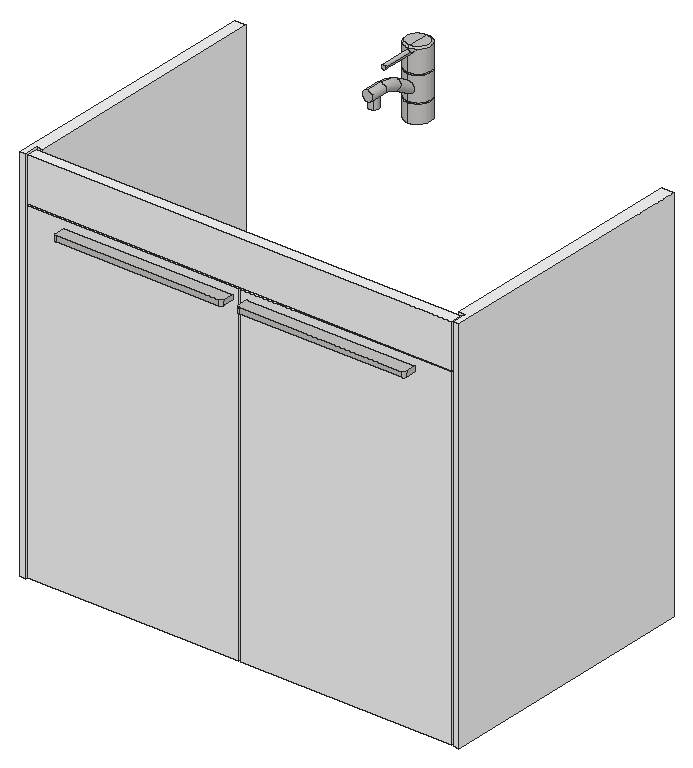
Revit family "47380 Ifö Sense Furniture packs - SDSSMP 60 Compact", category Generic Models, Revit 2015 (continued)
Automatic sketch dimensions
  Masking region 5 sketch curve to Masking region 5 sketch curve = 2.091 mm  (x2)
  Masking region 5 sketch curve to Masking region 5 sketch curve = 1.593 mm  (x2)
  Masking region 5 sketch curve to Masking region 5 sketch curve = 3.19 mm  (x2)
  Masking region 5 sketch curve to Masking region 5 sketch curve = 1.974 mm  (x2)
  Masking region 5 sketch curve to Masking region 5 sketch curve = 1.99 mm  (x2)
  Masking region 5 sketch curve to Masking region 5 sketch curve = 0.344 mm  (x2)
  Masking region 5 sketch curve to Masking region 5 sketch curve = 0.783 mm  (x2)
  Masking region 5 sketch curve to Masking region 5 sketch curve = 26.868 mm  (x2)
  Masking region 5 sketch curve to Masking region 5 sketch curve = 0.891 mm  (x2)
  Masking region 5 sketch curve to Masking region 5 sketch curve = 161.706 mm  (x2)
  Masking region 5 sketch curve to Masking region 5 sketch curve = 1.273 mm  (x2)
  Masking region 5 sketch curve to Masking region 5 sketch curve = 1.596 mm  (x2)
  Masking region 5 sketch curve to Masking region 5 sketch curve = 1.694 mm  (x2)
  Masking region 5 sketch curve to Masking region 5 sketch curve = 0.16 mm  (x2)
  Masking region 5 sketch curve to Masking region 5 sketch curve = 1.187 mm  (x2)
  Masking region 5 sketch curve to Masking region 5 sketch curve = 1.241 mm  (x2)
  Masking region 5 sketch curve to Masking region 5 sketch curve = 1.425 mm  (x2)
  Masking region 5 sketch curve to Masking region 5 sketch curve = 0.147 mm  (x2)
  Masking region 5 sketch curve to Masking region 5 sketch curve = 0.468 mm  (x2)
  Masking region 5 sketch curve to Masking region 5 sketch curve = 0.282 mm  (x2)
  Masking region 5 sketch curve to Masking region 5 sketch curve = 0.074 mm  (x2)
  Masking region 5 sketch curve to Masking region 5 sketch curve = 1.301 mm  (x2)
  Masking region 5 sketch curve to Masking region 5 sketch curve = 11.637 mm  (x2)
  Masking region 5 sketch curve to Masking region 5 sketch curve = 0.844 mm  (x2)
  Masking region 5 sketch curve to Masking region 5 sketch curve = 7.369 mm  (x2)
  Masking region 5 sketch curve to Masking region 5 sketch curve = 1.64 mm  (x2)
  Masking region 5 sketch curve to Masking region 5 sketch curve = 26.017 mm  (x2)
  Masking region 5 sketch curve to Masking region 5 sketch curve = 15.665 mm  (x2)
  Masking region 5 sketch curve to Masking region 5 sketch curve = 120.203 mm  (x2)
  Masking region 5 sketch curve to Masking region 5 sketch curve = 12.003 mm
  Masking region 5 sketch curve to Masking region 5 sketch curve = 176.118 mm  (x2)
  Masking region 5 sketch curve to Masking region 5 sketch curve = 9.296 mm  (x2)
  Masking region 5 sketch curve to Masking region 5 sketch curve = 302.576 mm  (x2)
  Masking region 5 sketch curve to Masking region 5 sketch curve = 4.13 mm  (x2)
  Masking region 5 sketch curve to Masking region 5 sketch curve = 175.472 mm  (x2)
  Masking region 5 sketch curve to Masking region 5 sketch curve = 41.038 mm  (x3)
  Masking region 5 sketch curve to Masking region 5 sketch curve = 440.361 mm
  Masking region 5 sketch curve to Masking region 5 sketch curve = 37.778 mm  (x2)
  Masking region 5 sketch curve to Masking region 5 sketch curve = 164.668 mm
  Masking region 5 sketch curve to Masking region 5 sketch curve = 161.655 mm  (x2)
  Masking region 5 sketch curve to Masking region 5 sketch curve = 72.874 mm  (x2)
  Masking region 5 sketch curve to Masking region 5 sketch curve = 116.632 mm  (x2)
  Masking region 5 sketch curve to Masking region 5 sketch curve = 49.479 mm  (x2)
  Masking region 5 sketch curve to Masking region 5 sketch curve = 21.429 mm  (x2)
  Masking region 5 sketch curve to Masking region 5 sketch curve = 4.469 mm  (x2)
  Masking region 5 sketch curve to Masking region 5 sketch curve = 25.712 mm  (x2)
  Masking region 5 sketch curve to Masking region 5 sketch curve = 11.396 mm  (x2)
  Masking region 5 sketch curve to Masking region 5 sketch curve = 2.41 mm  (x2)
  Masking region 5 sketch curve to Masking region 5 sketch curve = 3.014 mm  (x2)
  Masking region 5 sketch curve to Masking region 5 sketch curve = 1.882 mm  (x2)
  Masking region 5 sketch curve to Masking region 5 sketch curve = 0.991 mm  (x2)
  Masking region 5 sketch curve to Masking region 5 sketch curve = 4.531 mm  (x2)
  Masking region 5 sketch curve to Masking region 5 sketch curve = 1.136 mm  (x2)
  Masking region 5 sketch curve to Masking region 5 sketch curve = 1.931 mm  (x2)
  Masking region 5 sketch curve to Masking region 5 sketch curve = 3.234 mm  (x2)
  Masking region 5 sketch curve to Masking region 5 sketch curve = 2.095 mm  (x2)
  Masking region 5 sketch curve to Masking region 5 sketch curve = 0.584 mm  (x2)
  Masking region 5 sketch curve to Masking region 5 sketch curve = 0.106 mm  (x2)
  Masking region 5 sketch curve to Masking region 5 sketch curve = 0.079 mm  (x2)
  Masking region 5 sketch curve to Masking region 5 sketch curve = 0.354 mm  (x2)
  Masking region 5 sketch curve to Masking region 5 sketch curve = 0.155 mm  (x2)
  Masking region 5 sketch curve to Masking region 5 sketch curve = 0.706 mm  (x2)
  Masking region 5 sketch curve to Masking region 5 sketch curve = 0.014 mm  (x2)
  Masking region 5 sketch curve to Masking region 5 sketch curve = 1.079 mm  (x2)
  Masking region 5 sketch curve to Masking region 5 sketch curve = 0.482 mm  (x2)
  Masking region 5 sketch curve to Masking region 5 sketch curve = 1.418 mm  (x2)
  Masking region 5 sketch curve to Masking region 5 sketch curve = 5.736 mm  (x2)
  Masking region 5 sketch curve to Masking region 5 sketch curve = 1.822 mm  (x2)
  Masking region 5 sketch curve to Masking region 5 sketch curve = 45.205 mm  (x2)
  Masking region 5 sketch curve to Masking region 5 sketch curve = 63.813 mm
  Masking region 5 sketch curve to Masking region 5 sketch curve = 10.562 mm  (x2)
  Masking region 5 sketch curve to Masking region 5 sketch curve = 44.695 mm  (x2)
  Masking region 5 sketch curve to Masking region 5 sketch curve = 15.713 mm  (x2)
  Masking region 5 sketch curve to Masking region 5 sketch curve = 10.793 mm  (x2)
  Masking region 5 sketch curve to Masking region 5 sketch curve = 157.151 mm
  Masking region 5 sketch curve to Masking region 5 sketch curve = 37.312 mm  (x2)
  Masking region 5 sketch curve to Masking region 5 sketch curve = 55.334 mm  (x2)
  Masking region 5 sketch curve to Masking region 5 sketch curve = 223.933 mm  (x2)
  Masking region 5 sketch curve to Masking region 5 sketch curve = 214.619 mm
  Masking region 5 sketch curve to Masking region 5 sketch curve = 218.997 mm  (x2)
  Masking region 5 sketch curve to Masking region 5 sketch curve = 30.80 mm  (x2)
  Masking region 5 sketch curve to Masking region 5 sketch curve = 53.269 mm  (x2)
  Masking region 5 sketch curve to Masking region 5 sketch curve = 382.982 mm
  Masking region 5 sketch curve to Masking region 5 sketch curve = 117.159 mm  (x2)
  Masking region 5 sketch curve to Masking region 5 sketch curve = 194.692 mm
  Masking region 5 sketch curve to Masking region 5 sketch curve = 88.299 mm  (x2)
  Masking region 5 sketch curve to Masking region 5 sketch curve = 8.158 mm  (x2)
  Masking region 5 sketch curve to Masking region 5 sketch curve = 993.129 mm
  Masking region 5 sketch curve to Masking region 5 sketch curve = 3.435 mm  (x2)
  Masking region 5 sketch curve to Masking region 5 sketch curve = 4.929 mm  (x2)
  Masking region 5 sketch curve to Masking region 5 sketch curve = 0.855 mm  (x2)
  Masking region 5 sketch curve to Masking region 5 sketch curve = 5.256 mm  (x2)
  Masking region 5 sketch curve to Masking region 5 sketch curve = 1.154 mm  (x2)
  Masking region 5 sketch curve to Masking region 5 sketch curve = 1.458 mm  (x2)
  Masking region 5 sketch curve to Masking region 5 sketch curve = 0.771 mm  (x2)
  Masking region 5 sketch curve to Masking region 5 sketch curve = 1.041 mm  (x2)
  Masking region 5 sketch curve to Masking region 5 sketch curve = 1.093 mm  (x2)
  Masking region 5 sketch curve to Masking region 5 sketch curve = 1.046 mm  (x2)
  Masking region 5 sketch curve to Masking region 5 sketch curve = 0.915 mm  (x2)
  Masking region 5 sketch curve to Masking region 5 sketch curve = 0.521 mm  (x2)
  Masking region 5 sketch curve to Masking region 5 sketch curve = 0.215 mm  (x2)
  Masking region 6 sketch curve to Masking region 6 sketch curve = 1.865 mm  (x2)
  Masking region 6 sketch curve to Masking region 6 sketch curve = 0.135 mm  (x2)
  Masking region 6 sketch curve to Masking region 6 sketch curve = 0.00 mm  (x5)
  Masking region 6 sketch curve to Masking region 6 sketch curve = 3.128 mm  (x2)
  Masking region 6 sketch curve to Masking region 6 sketch curve = 6.00 mm
  Masking region 6 sketch curve to Masking region 6 sketch curve = 283.00 mm  (x2)
  Masking region 6 sketch curve to Masking region 6 sketch curve = 4.03 mm
  Masking region 6 sketch curve to Masking region 6 sketch curve = 1.00 mm  (x2)
  Masking region 6 sketch curve to Masking region 6 sketch curve = 15.546 mm  (x2)
  plane 1 "Center (Front/Back)" to Masking region 7 sketch curve = 0.00 mm
  plane 1 "Center (Front/Back)" to Masking region 7 sketch curve = 241.541 mm  (x2)
  Masking region 7 sketch curve to plane 3 "Center (Left/Right)" = 2452.995 mm
  Masking region 7 sketch curve to Masking region 7 sketch curve = 91.19 mm  (x2)
  Masking region 7 sketch curve to Masking region 7 sketch curve = 391.368 mm  (x2)
  Masking region 7 sketch curve to Masking region 7 sketch curve = 99.561 mm  (x2)
  Masking region 7 sketch curve to Masking region 7 sketch curve = 470.27 mm  (x2)
  Masking region 7 sketch curve to Masking region 7 sketch curve = 275.375 mm  (x2)
  plane 1 "Center (Front/Back)" to Masking region 7 sketch curve = 94.778 mm  (x2)
  Masking region 7 sketch curve to Masking region 7 sketch curve = 10.504 mm
  Masking region 7 sketch curve to Masking region 7 sketch curve = 47.582 mm  (x2)
  Masking region 7 sketch curve to Masking region 7 sketch curve = 39.924 mm  (x2)
  Masking region 7 sketch curve to plane 1 "Center (Front/Back)" = 6.437 mm  (x2)
  Masking region 7 sketch curve to Masking region 7 sketch curve = 363.98 mm
  Masking region 7 sketch curve to Masking region 7 sketch curve = 132.623 mm  (x2)
  Masking region 7 sketch curve to Masking region 7 sketch curve = 7.999 mm  (x2)
  Masking region 7 sketch curve to Masking region 7 sketch curve = 0.606 mm  (x2)
  Masking region 7 sketch curve to Masking region 7 sketch curve = 291.435 mm
  Masking region 7 sketch curve to Masking region 7 sketch curve = 9.081 mm  (x2)
  Masking region 7 sketch curve to plane 1 "Center (Front/Back)" = 112.273 mm
  Masking region 7 sketch curve to Masking region 7 sketch curve = 10.077 mm
  plane 1 "Center (Front/Back)" to Masking region 7 sketch curve = 12.79 mm
  Masking region 7 sketch curve to Masking region 7 sketch curve = 10.745 mm
  Masking region 7 sketch curve to Masking region 7 sketch curve = 6.088 mm  (x2)
  Masking region 7 sketch curve to Masking region 7 sketch curve = 1.683 mm  (x2)
  Masking region 7 sketch curve to Masking region 7 sketch curve = 29.51 mm
  Masking region 7 sketch curve to Masking region 7 sketch curve = 10.226 mm
  Masking region 7 sketch curve to Masking region 7 sketch curve = 1.469 mm  (x2)
  Masking region 7 sketch curve to plane 3 "Center (Left/Right)" = 287.046 mm
  Masking region 7 sketch curve to Masking region 7 sketch curve = 7.853 mm  (x2)
  Masking region 7 sketch curve to Masking region 7 sketch curve = 16.59 mm  (x2)
  Masking region 7 sketch curve to Masking region 7 sketch curve = 1.652 mm  (x2)
  Masking region 7 sketch curve to Masking region 7 sketch curve = 9.334 mm  (x2)
  Masking region 7 sketch curve to Masking region 7 sketch curve = 4.91 mm
  Masking region 7 sketch curve to Masking region 7 sketch curve = 3.308 mm
  Masking region 7 sketch curve to Masking region 7 sketch curve = 0.891 mm  (x2)
  Masking region 7 sketch curve to Masking region 7 sketch curve = 13.019 mm  (x2)
  Masking region 7 sketch curve to Masking region 7 sketch curve = 46.834 mm
  Masking region 7 sketch curve to Masking region 7 sketch curve = 17.867 mm  (x2)
  Masking region 7 sketch curve to Masking region 7 sketch curve = 2.738 mm
  Masking region 7 sketch curve to Masking region 7 sketch curve = 0.692 mm
  Masking region 7 sketch curve to Masking region 7 sketch curve = 1.905 mm  (x2)
  Masking region 7 sketch curve to Masking region 7 sketch curve = 4.214 mm  (x2)
  Masking region 7 sketch curve to Masking region 7 sketch curve = 21.688 mm
  Masking region 7 sketch curve to Masking region 7 sketch curve = 21.987 mm  (x2)
  Masking region 7 sketch curve to Masking region 7 sketch curve = 0.006 mm
  Masking region 7 sketch curve to Masking region 7 sketch curve = 36.247 mm
  Masking region 7 sketch curve to Masking region 7 sketch curve = 3.964 mm  (x2)
  Masking region 7 sketch curve to Masking region 7 sketch curve = 32.748 mm  (x2)
  Masking region 7 sketch curve to plane 3 "Center (Left/Right)" = 249.495 mm
  Masking region 7 sketch curve to Masking region 7 sketch curve = 11.373 mm
  Masking region 7 sketch curve to Masking region 7 sketch curve = 0.374 mm  (x2)
  Masking region 7 sketch curve to Masking region 7 sketch curve = 1.212 mm
  Masking region 7 sketch curve to Masking region 7 sketch curve = 18.854 mm
  Masking region 7 sketch curve to Masking region 7 sketch curve = 9.138 mm  (x2)
  Masking region 7 sketch curve to Masking region 7 sketch curve = 20.027 mm  (x2)
  Masking region 7 sketch curve to Masking region 7 sketch curve = 4.00 mm  (x4)
  Masking region 7 sketch curve to Masking region 7 sketch curve = 39.138 mm
  plane 1 "Center (Front/Back)" to Masking region 7 sketch curve = 41.095 mm  (x2)
  Masking region 7 sketch curve to Masking region 7 sketch curve = 56.365 mm
  Masking region 7 sketch curve to plane 3 "Center (Left/Right)" = 142.792 mm
  Masking region 7 sketch curve to plane 3 "Center (Left/Right)" = 58.753 mm
  Masking region 7 sketch curve to plane 3 "Center (Left/Right)" = 14.00 mm
  plane 3 "Center (Left/Right)" to Masking region 7 sketch curve = 10.00 mm
  plane 3 "Center (Left/Right)" to Masking region 7 sketch curve = 58.753 mm
  plane 3 "Center (Left/Right)" to Masking region 7 sketch curve = 142.792 mm
  Masking region 7 sketch curve to Masking region 7 sketch curve = 141.174 mm
  Masking region 7 sketch curve to Masking region 7 sketch curve = 205.467 mm
  Masking region 7 sketch curve to Masking region 7 sketch curve = 16.533 mm
  Masking region 7 sketch curve to Masking region 7 sketch curve = 19.851 mm
  Masking region 7 sketch curve to Masking region 7 sketch curve = 45.639 mm
  plane 3 "Center (Left/Right)" to Masking region 7 sketch curve = 248.283 mm
  Masking region 7 sketch curve to Masking region 7 sketch curve = 13.121 mm
  Masking region 7 sketch curve to Masking region 7 sketch curve = 4.628 mm
  Masking region 7 sketch curve to Masking region 7 sketch curve = 13.406 mm
  Masking region 7 sketch curve to Masking region 7 sketch curve = 16.933 mm
  Masking region 7 sketch curve to Masking region 7 sketch curve = 56.359 mm
  Masking region 7 sketch curve to Masking region 7 sketch curve = 10.727 mm
  Masking region 7 sketch curve to Masking region 7 sketch curve = 19.242 mm
  Masking region 7 sketch curve to Masking region 7 sketch curve = 9.467 mm
  Masking region 7 sketch curve to Masking region 7 sketch curve = 1.477 mm
  Masking region 7 sketch curve to Masking region 7 sketch curve = 8.127 mm
  Masking region 7 sketch curve to Masking region 7 sketch curve = 3.258 mm
  Masking region 7 sketch curve to Masking region 7 sketch curve = 144.254 mm
  Masking region 7 sketch curve to Masking region 7 sketch curve = 43.072 mm
  Masking region 7 sketch curve to Masking region 7 sketch curve = 53.323 mm
  Masking region 7 sketch curve to Masking region 7 sketch curve = 290.829 mm
  Masking region 7 sketch curve to Masking region 7 sketch curve = 286.978 mm
  Masking region 7 sketch curve to Masking region 7 sketch curve = 37.078 mm
  plane 1 "Center (Front/Back)" to Masking region 7 sketch curve = 251.064 mm  (x2)
  Masking region 7 sketch curve to Masking region 7 sketch curve = 239.578 mm
  Masking region 7 sketch curve to Masking region 7 sketch curve = 211.274 mm
  plane 1 "Center (Front/Back)" to Masking region 7 sketch curve = 258.02 mm  (x2)
  Masking region 7 sketch curve to Masking region 7 sketch curve = 2.182 mm  (x2)
  Masking region 7 sketch curve to Masking region 7 sketch curve = 167.179 mm  (x2)
  Masking region 7 sketch curve to Masking region 7 sketch curve = 6.294 mm  (x2)
  Masking region 7 sketch curve to Masking region 7 sketch curve = 25.673 mm  (x2)
  Masking region 7 sketch curve to Masking region 7 sketch curve = 12.816 mm  (x2)
  Masking region 7 sketch curve to Masking region 7 sketch curve = 33.734 mm  (x2)
  Masking region 7 sketch curve to Masking region 7 sketch curve = 57.42 mm  (x2)
  Masking region 7 sketch curve to Masking region 7 sketch curve = 38.78 mm  (x2)
  Masking region 7 sketch curve to Masking region 7 sketch curve = 9.748 mm  (x2)
  Masking region 7 sketch curve to Masking region 7 sketch curve = 14.753 mm  (x2)
  Masking region 7 sketch curve to Masking region 7 sketch curve = 1.032 mm  (x2)
  Masking region 7 sketch curve to Masking region 7 sketch curve = 22.805 mm  (x2)
  Masking region 7 sketch curve to Masking region 7 sketch curve = 1.168 mm  (x2)
  Masking region 7 sketch curve to Masking region 7 sketch curve = 34.883 mm
  Masking region 7 sketch curve to Masking region 7 sketch curve = 29.898 mm
  Masking region 7 sketch curve to Masking region 7 sketch curve = 28.867 mm
  Masking region 7 sketch curve to Masking region 7 sketch curve = 51.324 mm  (x2)
  Masking region 7 sketch curve to Masking region 7 sketch curve = 5.864 mm
  Masking region 7 sketch curve to Masking region 7 sketch curve = 5.844 mm
  Masking region 7 sketch curve to Masking region 7 sketch curve = 61.321 mm  (x2)
  Masking region 7 sketch curve to Masking region 7 sketch curve = 158.60 mm  (x2)
  Masking region 7 sketch curve to Masking region 7 sketch curve = 123.695 mm  (x2)
  Masking region 7 sketch curve to Masking region 7 sketch curve = 173.227 mm  (x2)
  Masking region 7 sketch curve to Masking region 7 sketch curve = 40.469 mm  (x2)
  Masking region 7 sketch curve to Masking region 7 sketch curve = 8.466 mm  (x2)
  Masking region 7 sketch curve to Masking region 7 sketch curve = 24.997 mm  (x2)
  Masking region 7 sketch curve to Masking region 7 sketch curve = 9.386 mm  (x2)
  Masking region 7 sketch curve to Masking region 7 sketch curve = 34.903 mm  (x2)
  Masking region 7 sketch curve to Masking region 7 sketch curve = 11.262 mm  (x2)
  Masking region 7 sketch curve to Masking region 7 sketch curve = 6.788 mm  (x2)
  Masking region 7 sketch curve to Masking region 7 sketch curve = 46.973 mm  (x2)
  plane 1 "Center (Front/Back)" to Masking region 7 sketch curve = 120.366 mm  (x2)
  Masking region 7 sketch curve to Masking region 7 sketch curve = 26.977 mm  (x2)
  plane 1 "Center (Front/Back)" to Masking region 7 sketch curve = 55.635 mm  (x2)
  Masking region 7 sketch curve to Masking region 7 sketch curve = 16.163 mm  (x2)
  Masking region 7 sketch curve to Masking region 7 sketch curve = 0.174 mm  (x2)
  Masking region 7 sketch curve to Masking region 7 sketch curve = 16.138 mm  (x2)
  Masking region 7 sketch curve to Masking region 7 sketch curve = 3.536 mm  (x2)
  Masking region 7 sketch curve to Masking region 7 sketch curve = 1.081 mm  (x2)
  Masking region 7 sketch curve to Masking region 7 sketch curve = 1.063 mm  (x2)
  Masking region 7 sketch curve to Masking region 7 sketch curve = 2.778 mm  (x2)
  Masking region 7 sketch curve to Masking region 7 sketch curve = 5.594 mm  (x2)
  Masking region 7 sketch curve to Masking region 7 sketch curve = 11.341 mm
  Masking region 7 sketch curve to Masking region 7 sketch curve = 0.843 mm  (x2)
  Masking region 7 sketch curve to plane 1 "Center (Front/Back)" = 29.702 mm  (x2)
  Masking region 7 sketch curve to Masking region 7 sketch curve = 56.328 mm
  Masking region 7 sketch curve to Masking region 7 sketch curve = 26.243 mm  (x2)
  Masking region 7 sketch curve to Masking region 7 sketch curve = 23.206 mm  (x2)
  Masking region 7 sketch curve to Masking region 7 sketch curve = 381.889 mm  (x2)
  Masking region 7 sketch curve to Masking region 7 sketch curve = 29.45 mm  (x2)
  Masking region 7 sketch curve to Masking region 7 sketch curve = 9.091 mm
  Masking region 7 sketch curve to Masking region 7 sketch curve = 0.00 mm  (x57)
  Masking region 7 sketch curve to Masking region 7 sketch curve = 0.227 mm
  Masking region 7 sketch curve to Masking region 7 sketch curve = 0.482 mm  (x2)
  Masking region 7 sketch curve to Masking region 7 sketch curve = 0.331 mm
  Masking region 7 sketch curve to Masking region 7 sketch curve = 0.296 mm  (x2)
  Masking region 7 sketch curve to Masking region 7 sketch curve = 0.484 mm  (x2)
  Masking region 7 sketch curve to Masking region 7 sketch curve = 1.224 mm
  Masking region 7 sketch curve to Masking region 7 sketch curve = 0.963 mm  (x2)
  Masking region 7 sketch curve to Masking region 7 sketch curve = 1.394 mm  (x2)
  Masking region 7 sketch curve to Masking region 7 sketch curve = 1.709 mm
  Masking region 7 sketch curve to Masking region 7 sketch curve = 2.022 mm
  plane 1 "Center (Front/Back)" to Masking region 7 sketch curve = 3.198 mm  (x2)
  Masking region 7 sketch curve to Masking region 7 sketch curve = 1.126 mm
  Masking region 7 sketch curve to Masking region 7 sketch curve = 0.986 mm
  Masking region 7 sketch curve to Masking region 7 sketch curve = 4.785 mm
  plane 1 "Center (Front/Back)" to Masking region 7 sketch curve = 0.60 mm  (x2)
  plane 1 "Center (Front/Back)" to Masking region 7 sketch curve = 0.331 mm  (x2)
  plane 1 "Center (Front/Back)" to Masking region 7 sketch curve = 0.255 mm  (x2)
  Masking region 7 sketch curve to Masking region 7 sketch curve = 5.653 mm
  plane 1 "Center (Front/Back)" to Masking region 7 sketch curve = 1.158 mm
  plane 1 "Center (Front/Back)" to Masking region 7 sketch curve = 1.511 mm
  Masking region 7 sketch curve to Masking region 7 sketch curve = 9.712 mm
  Masking region 7 sketch curve to Masking region 7 sketch curve = 4.212 mm
  Masking region 7 sketch curve to Masking region 7 sketch curve = 2.445 mm
  Masking region 7 sketch curve to Masking region 7 sketch curve = 1.129 mm
  Masking region 7 sketch curve to Masking region 7 sketch curve = 0.409 mm
  plane 1 "Center (Front/Back)" to Masking region 8 sketch curve = 0.00 mm
  plane 1 "Center (Front/Back)" to Masking region 8 sketch curve = 6.546 mm
  Masking region 8 sketch curve to plane 3 "Center (Left/Right)" = 300.00 mm
  Masking region 8 sketch curve to Masking region 8 sketch curve = 8.908 mm
  Masking region 8 sketch curve to Masking region 8 sketch curve = 10.326 mm
  plane 1 "Center (Front/Back)" to Masking region 8 sketch curve = 1.515 mm
  Masking region 8 sketch curve to Masking region 8 sketch curve = 16.00 mm
  Masking region 8 sketch curve to Masking region 8 sketch curve = 7.853 mm
  Masking region 8 sketch curve to Masking region 8 sketch curve = 1.652 mm
  Masking region 8 sketch curve to Masking region 8 sketch curve = 3.308 mm
  Masking region 8 sketch curve to Masking region 8 sketch curve = 38.96 mm
  Masking region 8 sketch curve to Masking region 8 sketch curve = 10.996 mm
  Masking region 8 sketch curve to Masking region 8 sketch curve = 12.184 mm
  Masking region 8 sketch curve to Masking region 8 sketch curve = 3.536 mm
  Masking region 8 sketch curve to Masking region 8 sketch curve = 16.138 mm
  Masking region 8 sketch curve to Masking region 8 sketch curve = 179.707 mm
  Masking region 8 sketch curve to plane 1 "Center (Front/Back)" = 38.953 mm
  Masking region 8 sketch curve to Masking region 8 sketch curve = 0.00 mm  (x2)
  Masking region 8 sketch curve to Masking region 8 sketch curve = 1.709 mm
  plane 1 "Center (Front/Back)" to Masking region 8 sketch curve = 3.198 mm
  Masking region 10 sketch curve to Masking region 10 sketch curve = 8.00 mm
  Masking region 11 sketch curve to Masking region 11 sketch curve = 8.00 mm
  Masking region 12 sketch curve to Masking region 12 sketch curve = 289.00 mm
  plane 1 "Center (Front/Back)" to Masking region 15 sketch curve = 0.00 mm
  Masking region 15 sketch curve to Masking region 15 sketch curve = 1.515 mm
  plane 1 "Center (Front/Back)" to Masking region 15 sketch curve = 6.546 mm
  Masking region 15 sketch curve to Masking region 15 sketch curve = 10.996 mm
  Masking region 15 sketch curve to Masking region 15 sketch curve = 12.184 mm
  Masking region 15 sketch curve to Masking region 15 sketch curve = 3.536 mm
  Masking region 15 sketch curve to Masking region 15 sketch curve = 16.138 mm
  Masking region 15 sketch curve to Masking region 15 sketch curve = 179.707 mm
  Masking region 15 sketch curve to plane 1 "Center (Front/Back)" = 38.953 mm
  plane 3 "Center (Left/Right)" to Masking region 15 sketch curve = 300.00 mm
  Masking region 15 sketch curve to Masking region 15 sketch curve = 8.908 mm
  Masking region 15 sketch curve to Masking region 15 sketch curve = 10.326 mm
  Masking region 15 sketch curve to Masking region 15 sketch curve = 16.00 mm
  Masking region 15 sketch curve to Masking region 15 sketch curve = 7.853 mm
  Masking region 15 sketch curve to Masking region 15 sketch curve = 1.652 mm
  Masking region 15 sketch curve to Masking region 15 sketch curve = 3.308 mm
  Masking region 15 sketch curve to Masking region 15 sketch curve = 38.96 mm
  Masking region 15 sketch curve to Masking region 15 sketch curve = 0.00 mm  (x2)
  plane 1 "Center (Front/Back)" to Masking region 15 sketch curve = 3.198 mm
  Masking region 15 sketch curve to Masking region 15 sketch curve = 0.941 mm
  Revolve 5 sketch curve to Revolve 5 sketch curve = 1.373 mm
  Revolve 29 sketch curve to Revolve 29 sketch curve = 0.00 mm  (x3)
  Revolve 29 sketch curve to Revolve 29 sketch curve = 2.00 mm  (x2)
  Revolve 29 sketch curve to Revolve 29 sketch curve = 2.147 mm  (x3)
  Revolve 29 sketch curve to Revolve 29 sketch curve = 17.00 mm
  Revolve 29 sketch curve to Revolve 29 sketch curve = 24.00 mm
  Revolve 29 sketch curve to Revolve 29 sketch curve = 2.50 mm  (x2)
  Revolve 29 sketch curve to Revolve 29 sketch curve = 32.50 mm
  Revolve 29 sketch curve to Revolve 29 sketch curve = 30.00 mm
  Sweep 30 sketch curve to Sweep 30 sketch curve = 24.24 mm
  Sweep 30 sketch curve to Sweep 30 sketch curve = 43.731 mm
  Sweep 30 sketch curve to Sweep 30 sketch curve = 22.069 mm
  Sweep 30 sketch curve to Sweep 30 sketch curve = 29.214 mm
  Sweep 30 sketch curve to Sweep 30 sketch curve = 16.194 mm
  Sweep 30 sketch curve to profile plane = 0.00 mm
  Sweep 30 sketch curve to profile plane = 185.00 mm
  Revolve 29 sketch curve to Revolve 29 sketch curve = 1.373 mm
  Masking region 1 sketch curve to Masking region 1 sketch curve = 21.519 mm
  Masking region 1 sketch curve to Masking region 1 sketch curve = 14.323 mm
  Masking region 1 sketch curve to Masking region 1 sketch curve = 49.657 mm
  Masking region 1 sketch curve to Masking region 1 sketch curve = 1.744 mm
  Masking region 1 sketch curve to Masking region 1 sketch curve = 1323.402 mm
  Masking region 1 sketch curve to Masking region 1 sketch curve = 0.298 mm
  Masking region 1 sketch curve to Masking region 1 sketch curve = 11.128 mm
  Masking region 1 sketch curve to Masking region 1 sketch curve = 32.81 mm
  Masking region 1 sketch curve to Masking region 1 sketch curve = 1.898 mm
  Masking region 1 sketch curve to Masking region 1 sketch curve = 12.245 mm
  Masking region 3 sketch curve to Masking region 3 sketch curve = 520.00 mm
  Masking region 16 sketch curve to Masking region 16 sketch curve = 0.00 mm  (x11)
  Masking region 16 sketch curve to Masking region 16 sketch curve = 3.986 mm
  Masking region 16 sketch curve to Masking region 16 sketch curve = 12.029 mm
  Masking region 16 sketch curve to Masking region 16 sketch curve = 5.871 mm
  Masking region 16 sketch curve to Masking region 16 sketch curve = 5.528 mm
  Masking region 16 sketch curve to Masking region 16 sketch curve = 21.191 mm
  Masking region 16 sketch curve to Masking region 16 sketch curve = 6.787 mm
  Masking region 16 sketch curve to Masking region 16 sketch curve = 18.667 mm
  Masking region 16 sketch curve to Masking region 16 sketch curve = 2.00 mm  (x4)
  Masking region 16 sketch curve to Masking region 16 sketch curve = 2.147 mm  (x3)
  Masking region 16 sketch curve to Masking region 16 sketch curve = 29.707 mm
  Masking region 16 sketch curve to Masking region 16 sketch curve = 30.00 mm  (x3)
  Masking region 16 sketch curve to Masking region 16 sketch curve = 764.512 mm
  Masking region 16 sketch curve to Masking region 16 sketch curve = 21.59 mm
  Masking region 16 sketch curve to Masking region 16 sketch curve = 23.093 mm
  Masking region 16 sketch curve to Masking region 16 sketch curve = 2.50 mm  (x4)
  Masking region 16 sketch curve to Masking region 16 sketch curve = 9.656 mm
  Masking region 16 sketch curve to Masking region 16 sketch curve = 10.90 mm
  Masking region 16 sketch curve to Masking region 16 sketch curve = 16.007 mm
  Masking region 16 sketch curve to Masking region 16 sketch curve = 6.837 mm
  Masking region 16 sketch curve to Masking region 16 sketch curve = 13.388 mm
  Masking region 16 sketch curve to Masking region 16 sketch curve = 5.999 mm
  Masking region 16 sketch curve to Masking region 16 sketch curve = 2.367 mm
  Masking region 16 sketch curve to Masking region 16 sketch curve = 190.482 mm
  Masking region 16 sketch curve to Masking region 16 sketch curve = 481.33 mm
  Masking region 17 sketch curve to Masking region 17 sketch curve = 366.00 mm
  Masking region 18 sketch curve to Masking region 18 sketch curve = 18.00 mm
  Masking region 18 sketch curve to Masking region 18 sketch curve = 7.00 mm
  Masking region 16 sketch curve to Masking region 16 sketch curve = 21.519 mm
  Masking region 16 sketch curve to Masking region 16 sketch curve = 14.323 mm
  Masking region 16 sketch curve to Masking region 16 sketch curve = 49.657 mm
  Masking region 16 sketch curve to Masking region 16 sketch curve = 1.744 mm
  Masking region 16 sketch curve to Masking region 16 sketch curve = 1323.402 mm
  Masking region 16 sketch curve to Masking region 16 sketch curve = 0.298 mm
  Masking region 16 sketch curve to Masking region 16 sketch curve = 11.128 mm
  Masking region 16 sketch curve to Masking region 16 sketch curve = 32.81 mm
  Masking region 16 sketch curve to Masking region 16 sketch curve = 1.898 mm
  Masking region 16 sketch curve to Masking region 16 sketch curve = 12.245 mm
  Masking region 17 sketch curve to Masking region 17 sketch curve = 520.00 mm
  Masking region 9 sketch curve to Masking region 9 sketch curve = 0.149 mm
  Masking region 9 sketch curve to Masking region 9 sketch curve = 0.434 mm
  Masking region 9 sketch curve to Masking region 9 sketch curve = 0.046 mm
  Masking region 9 sketch curve to Masking region 9 sketch curve = 1.368 mm
  Masking region 9 sketch curve to Masking region 9 sketch curve = 0.444 mm
  Masking region 9 sketch curve to Masking region 9 sketch curve = 0.812 mm
  Masking region 9 sketch curve to Masking region 9 sketch curve = 2.193 mm
  Masking region 9 sketch curve to Masking region 9 sketch curve = 0.069 mm
  Masking region 9 sketch curve to Masking region 9 sketch curve = 1.608 mm
  Masking region 9 sketch curve to Masking region 9 sketch curve = 1.849 mm
  Masking region 9 sketch curve to Masking region 9 sketch curve = 1.387 mm
  Masking region 9 sketch curve to Masking region 9 sketch curve = 0.048 mm
  Masking region 9 sketch curve to Masking region 9 sketch curve = 0.423 mm
  Masking region 9 sketch curve to Masking region 9 sketch curve = 0.597 mm
  Masking region 9 sketch curve to Masking region 9 sketch curve = 5.116 mm
  Masking region 9 sketch curve to Masking region 9 sketch curve = 1.224 mm
  Masking region 9 sketch curve to Masking region 9 sketch curve = 0.737 mm  (x2)
  Masking region 9 sketch curve to Masking region 9 sketch curve = 7.102 mm
  Masking region 9 sketch curve to Masking region 9 sketch curve = 8.167 mm
  Masking region 9 sketch curve to Masking region 9 sketch curve = 12.311 mm
  Masking region 9 sketch curve to Masking region 9 sketch curve = 0.545 mm
  Masking region 9 sketch curve to Masking region 9 sketch curve = 5.249 mm
  Masking region 9 sketch curve to Masking region 9 sketch curve = 8.91 mm
  Masking region 9 sketch curve to Masking region 9 sketch curve = 2.266 mm
  Masking region 9 sketch curve to Masking region 9 sketch curve = 14.373 mm
  Masking region 9 sketch curve to Masking region 9 sketch curve = 6.45 mm
  Masking region 9 sketch curve to Masking region 9 sketch curve = 0.53 mm
  Masking region 9 sketch curve to Masking region 9 sketch curve = 32.938 mm
  Masking region 9 sketch curve to Masking region 9 sketch curve = 59.349 mm
  Masking region 9 sketch curve to Masking region 9 sketch curve = 45.504 mm
  Masking region 9 sketch curve to Masking region 9 sketch curve = 118.00 mm
  Masking region 9 sketch curve to Masking region 9 sketch curve = 138.285 mm
  Masking region 9 sketch curve to Masking region 9 sketch curve = 143.537 mm
  Masking region 9 sketch curve to Masking region 9 sketch curve = 20.307 mm
  Masking region 9 sketch curve to Masking region 9 sketch curve = 160.725 mm
  Masking region 9 sketch curve to Masking region 9 sketch curve = 31.746 mm
  Masking region 9 sketch curve to Masking region 9 sketch curve = 169.465 mm
  Masking region 9 sketch curve to Masking region 9 sketch curve = 10.664 mm
  Masking region 9 sketch curve to Masking region 9 sketch curve = 1.491 mm
  Masking region 9 sketch curve to Masking region 9 sketch curve = 30.965 mm
  Masking region 9 sketch curve to Masking region 9 sketch curve = 90.095 mm
  Masking region 9 sketch curve to Masking region 9 sketch curve = 153.883 mm
  Masking region 9 sketch curve to Masking region 9 sketch curve = 34.628 mm
  Masking region 9 sketch curve to Masking region 9 sketch curve = 12.917 mm
  Masking region 9 sketch curve to Masking region 9 sketch curve = 18.717 mm
  Masking region 9 sketch curve to Masking region 9 sketch curve = 79.295 mm
  Masking region 9 sketch curve to Masking region 9 sketch curve = 74.557 mm
  Masking region 9 sketch curve to Masking region 9 sketch curve = 17.885 mm
  Masking region 9 sketch curve to Masking region 9 sketch curve = 13.574 mm
  Masking region 9 sketch curve to Masking region 9 sketch curve = 3.296 mm
  Masking region 9 sketch curve to Masking region 9 sketch curve = 20.529 mm
  Masking region 9 sketch curve to Masking region 9 sketch curve = 55.406 mm
  Masking region 9 sketch curve to Masking region 9 sketch curve = 55.66 mm
  Masking region 9 sketch curve to Masking region 9 sketch curve = 56.262 mm
  Masking region 9 sketch curve to Masking region 9 sketch curve = 8.309 mm
  Masking region 9 sketch curve to Masking region 9 sketch curve = 9.048 mm
  Masking region 9 sketch curve to Masking region 9 sketch curve = 6.75 mm
  Masking region 9 sketch curve to Masking region 9 sketch curve = 6.338 mm
  Masking region 9 sketch curve to Masking region 9 sketch curve = 4.791 mm
  Masking region 9 sketch curve to Masking region 9 sketch curve = 1.985 mm
  Masking region 9 sketch curve to Masking region 9 sketch curve = 2.158 mm
  Masking region 9 sketch curve to Masking region 9 sketch curve = 0.654 mm
  Masking region 9 sketch curve to Masking region 9 sketch curve = 0.901 mm
  Masking region 9 sketch curve to Masking region 9 sketch curve = 0.11 mm
  Masking region 9 sketch curve to Masking region 9 sketch curve = 0.173 mm
  Masking region 9 sketch curve to Masking region 9 sketch curve = 0.271 mm
  Masking region 9 sketch curve to Masking region 9 sketch curve = 27.864 mm
  Masking region 9 sketch curve to Masking region 9 sketch curve = 5.333 mm
  Masking region 9 sketch curve to Masking region 9 sketch curve = 295.198 mm
  Masking region 9 sketch curve to Masking region 9 sketch curve = 143.058 mm
  Masking region 9 sketch curve to Masking region 9 sketch curve = 36.415 mm
  Masking region 9 sketch curve to Masking region 9 sketch curve = 799.239 mm
  Masking region 9 sketch curve to Masking region 9 sketch curve = 1.688 mm
  Masking region 9 sketch curve to Masking region 9 sketch curve = 695.347 mm
  Masking region 9 sketch curve to Masking region 9 sketch curve = 81.673 mm
  Masking region 9 sketch curve to Masking region 9 sketch curve = 43.935 mm
  Masking region 9 sketch curve to Masking region 9 sketch curve = 266.753 mm
  Masking region 9 sketch curve to Masking region 9 sketch curve = 96.916 mm
  Masking region 9 sketch curve to Masking region 9 sketch curve = 123.514 mm
  Masking region 9 sketch curve to Masking region 9 sketch curve = 14.981 mm
  Masking region 9 sketch curve to Masking region 9 sketch curve = 71.355 mm
  Masking region 9 sketch curve to Masking region 9 sketch curve = 32.613 mm
  Masking region 9 sketch curve to Masking region 9 sketch curve = 12.767 mm
  Masking region 9 sketch curve to Masking region 9 sketch curve = 1.178 mm
  Masking region 9 sketch curve to Masking region 9 sketch curve = 15.755 mm
  Masking region 9 sketch curve to Masking region 9 sketch curve = 17.937 mm
  Masking region 9 sketch curve to Masking region 9 sketch curve = 2.423 mm
  Masking region 9 sketch curve to Masking region 9 sketch curve = 4.273 mm
  Masking region 9 sketch curve to Masking region 9 sketch curve = 35.643 mm
  Masking region 9 sketch curve to Masking region 9 sketch curve = 9.073 mm
  Masking region 9 sketch curve to Masking region 9 sketch curve = 33.055 mm
  Masking region 9 sketch curve to Masking region 9 sketch curve = 9.541 mm
  Masking region 9 sketch curve to Masking region 9 sketch curve = 2.616 mm
  Masking region 9 sketch curve to Masking region 9 sketch curve = 0.225 mm
  Masking region 9 sketch curve to Masking region 9 sketch curve = 1.295 mm
  Masking region 9 sketch curve to Masking region 9 sketch curve = 1.862 mm
  Masking region 9 sketch curve to Masking region 9 sketch curve = 1.935 mm
  Masking region 9 sketch curve to Masking region 9 sketch curve = 0.112 mm
  Masking region 9 sketch curve to Masking region 9 sketch curve = 0.476 mm
  Masking region 9 sketch curve to Masking region 9 sketch curve = 0.524 mm
  Masking region 9 sketch curve to Masking region 9 sketch curve = 9.182 mm
  Masking region 9 sketch curve to Masking region 9 sketch curve = 0.314 mm
  Masking region 9 sketch curve to Masking region 9 sketch curve = 1.698 mm
  Masking region 9 sketch curve to Masking region 9 sketch curve = 0.571 mm
  Masking region 9 sketch curve to Masking region 9 sketch curve = 1.457 mm
  Masking region 9 sketch curve to Masking region 9 sketch curve = 3.685 mm
  Masking region 9 sketch curve to Masking region 9 sketch curve = 0.105 mm
  Masking region 9 sketch curve to Masking region 9 sketch curve = 2.544 mm
  Masking region 9 sketch curve to Masking region 9 sketch curve = 1.124 mm
  Masking region 9 sketch curve to Masking region 9 sketch curve = 1.982 mm
  Masking region 9 sketch curve to Masking region 9 sketch curve = 5.738 mm
  Masking region 9 sketch curve to Masking region 9 sketch curve = 1.748 mm
  Masking region 9 sketch curve to Masking region 9 sketch curve = 29.488 mm
  Masking region 9 sketch curve to Masking region 9 sketch curve = 1.599 mm
  Masking region 9 sketch curve to Masking region 9 sketch curve = 2.981 mm
  Masking region 9 sketch curve to Masking region 9 sketch curve = 0.429 mm
  Masking region 9 sketch curve to Masking region 9 sketch curve = 0.078 mm
  Masking region 9 sketch curve to Masking region 9 sketch curve = 0.21 mm
  Masking region 9 sketch curve to Masking region 9 sketch curve = 34.828 mm
  Masking region 9 sketch curve to Masking region 9 sketch curve = 23.192 mm
  Masking region 9 sketch curve to Masking region 9 sketch curve = 25.381 mm
  Masking region 9 sketch curve to Masking region 9 sketch curve = 26.301 mm
  Masking region 9 sketch curve to Masking region 9 sketch curve = 6.957 mm
  Masking region 9 sketch curve to Masking region 9 sketch curve = 194.262 mm
  Masking region 9 sketch curve to Masking region 9 sketch curve = 20.812 mm
  Masking region 9 sketch curve to Masking region 9 sketch curve = 20.176 mm
  Masking region 9 sketch curve to Masking region 9 sketch curve = 127.833 mm
  Masking region 9 sketch curve to Masking region 9 sketch curve = 36.964 mm
  Masking region 9 sketch curve to Masking region 9 sketch curve = 44.212 mm
  Masking region 9 sketch curve to Masking region 9 sketch curve = 30.029 mm
  Masking region 9 sketch curve to Masking region 9 sketch curve = 66.968 mm
  Masking region 9 sketch curve to Masking region 9 sketch curve = 215.083 mm
  Masking region 9 sketch curve to Masking region 9 sketch curve = 31.685 mm
  Masking region 9 sketch curve to Masking region 9 sketch curve = 167.594 mm
  Masking region 9 sketch curve to Masking region 9 sketch curve = 166.651 mm
  Masking region 9 sketch curve to Masking region 9 sketch curve = 276.27 mm
  Masking region 9 sketch curve to Masking region 9 sketch curve = 788.299 mm
  Masking region 9 sketch curve to Masking region 9 sketch curve = 66.06 mm
  Masking region 9 sketch curve to Masking region 9 sketch curve = 2682.651 mm
  Masking region 9 sketch curve to Masking region 9 sketch curve = 458.442 mm
  Masking region 9 sketch curve to Masking region 9 sketch curve = 0.766 mm
  Masking region 9 sketch curve to Masking region 9 sketch curve = 0.905 mm  (x2)
  Masking region 9 sketch curve to Masking region 9 sketch curve = 1.803 mm
  Masking region 9 sketch curve to Masking region 9 sketch curve = 0.00 mm  (x32)
  Masking region 9 sketch curve to Masking region 9 sketch curve = 0.806 mm
  Masking region 9 sketch curve to Masking region 9 sketch curve = 0.607 mm
  Masking region 9 sketch curve to Masking region 9 sketch curve = 0.355 mm
  Masking region 9 sketch curve to Masking region 9 sketch curve = 1.038 mm
  Masking region 9 sketch curve to Masking region 9 sketch curve = 1.091 mm
  Masking region 9 sketch curve to Masking region 9 sketch curve = 1.094 mm
  Masking region 9 sketch curve to Masking region 9 sketch curve = 1.243 mm
  Masking region 9 sketch curve to Masking region 9 sketch curve = 1.101 mm
  Masking region 9 sketch curve to Masking region 9 sketch curve = 1.064 mm
  Masking region 9 sketch curve to Masking region 9 sketch curve = 0.631 mm
  Masking region 9 sketch curve to Masking region 9 sketch curve = 1.316 mm
  Masking region 9 sketch curve to Masking region 9 sketch curve = 1.755 mm
  Masking region 9 sketch curve to Masking region 9 sketch curve = 1.771 mm
  Masking region 9 sketch curve to Masking region 9 sketch curve = 2.164 mm
  Masking region 9 sketch curve to Masking region 9 sketch curve = 3.015 mm
  Masking region 9 sketch curve to Masking region 9 sketch curve = 48.665 mm
  Masking region 9 sketch curve to Masking region 9 sketch curve = 18.494 mm
  Masking region 9 sketch curve to Masking region 9 sketch curve = 7.576 mm
  Masking region 9 sketch curve to Masking region 9 sketch curve = 16.117 mm
  Masking region 9 sketch curve to Masking region 9 sketch curve = 14.323 mm
  Masking region 9 sketch curve to Masking region 9 sketch curve = 1.63 mm
  Masking region 9 sketch curve to Masking region 9 sketch curve = 2.568 mm
  Masking region 9 sketch curve to Masking region 9 sketch curve = 1.82 mm
  Masking region 9 sketch curve to Masking region 9 sketch curve = 4.12 mm
  Masking region 9 sketch curve to Masking region 9 sketch curve = 3.755 mm
  Masking region 9 sketch curve to Masking region 9 sketch curve = 1.877 mm
  Masking region 9 sketch curve to Masking region 9 sketch curve = 0.847 mm
  Masking region 9 sketch curve to Masking region 9 sketch curve = 0.608 mm
  Masking region 9 sketch curve to Masking region 9 sketch curve = 0.185 mm
  Masking region 19 sketch curve to Masking region 19 sketch curve = 0.149 mm
  Masking region 19 sketch curve to Masking region 19 sketch curve = 0.434 mm
  Masking region 19 sketch curve to Masking region 19 sketch curve = 0.046 mm
  Masking region 19 sketch curve to Masking region 19 sketch curve = 1.368 mm
  Masking region 19 sketch curve to Masking region 19 sketch curve = 0.444 mm
  Masking region 19 sketch curve to Masking region 19 sketch curve = 0.812 mm
  Masking region 19 sketch curve to Masking region 19 sketch curve = 2.193 mm
  Masking region 19 sketch curve to Masking region 19 sketch curve = 0.069 mm
  Masking region 19 sketch curve to Masking region 19 sketch curve = 1.608 mm
  Masking region 19 sketch curve to Masking region 19 sketch curve = 1.849 mm
  Masking region 19 sketch curve to Masking region 19 sketch curve = 1.387 mm
  Masking region 19 sketch curve to Masking region 19 sketch curve = 0.048 mm
  Masking region 19 sketch curve to Masking region 19 sketch curve = 0.423 mm
  Masking region 19 sketch curve to Masking region 19 sketch curve = 0.597 mm
  Masking region 19 sketch curve to Masking region 19 sketch curve = 5.116 mm
  Masking region 19 sketch curve to Masking region 19 sketch curve = 1.224 mm
  Masking region 19 sketch curve to Masking region 19 sketch curve = 0.737 mm  (x2)
  Masking region 19 sketch curve to Masking region 19 sketch curve = 7.102 mm
  Masking region 19 sketch curve to Masking region 19 sketch curve = 8.167 mm
  Masking region 19 sketch curve to Masking region 19 sketch curve = 12.311 mm
  Masking region 19 sketch curve to Masking region 19 sketch curve = 0.545 mm
  Masking region 19 sketch curve to Masking region 19 sketch curve = 5.249 mm
  Masking region 19 sketch curve to Masking region 19 sketch curve = 8.91 mm
  Masking region 19 sketch curve to Masking region 19 sketch curve = 2.266 mm
  Masking region 19 sketch curve to Masking region 19 sketch curve = 14.373 mm
  Masking region 19 sketch curve to Masking region 19 sketch curve = 6.45 mm
  Masking region 19 sketch curve to Masking region 19 sketch curve = 0.53 mm
  Masking region 19 sketch curve to Masking region 19 sketch curve = 32.938 mm
  Masking region 19 sketch curve to Masking region 19 sketch curve = 59.349 mm
  Masking region 19 sketch curve to Masking region 19 sketch curve = 45.504 mm
  Masking region 19 sketch curve to Masking region 19 sketch curve = 118.00 mm
  Masking region 19 sketch curve to Masking region 19 sketch curve = 138.285 mm
  Masking region 19 sketch curve to Masking region 19 sketch curve = 143.537 mm
  Masking region 19 sketch curve to Masking region 19 sketch curve = 20.307 mm
  Masking region 19 sketch curve to Masking region 19 sketch curve = 160.725 mm
  Masking region 19 sketch curve to Masking region 19 sketch curve = 31.746 mm
  Masking region 19 sketch curve to Masking region 19 sketch curve = 169.465 mm
  Masking region 19 sketch curve to Masking region 19 sketch curve = 10.664 mm
  Masking region 19 sketch curve to Masking region 19 sketch curve = 1.491 mm
  Masking region 19 sketch curve to Masking region 19 sketch curve = 30.965 mm
  Masking region 19 sketch curve to Masking region 19 sketch curve = 90.095 mm
  Masking region 19 sketch curve to Masking region 19 sketch curve = 153.883 mm
  Masking region 19 sketch curve to Masking region 19 sketch curve = 34.628 mm
  Masking region 19 sketch curve to Masking region 19 sketch curve = 12.917 mm
  Masking region 19 sketch curve to Masking region 19 sketch curve = 18.717 mm
  Masking region 19 sketch curve to Masking region 19 sketch curve = 79.295 mm
  Masking region 19 sketch curve to Masking region 19 sketch curve = 74.557 mm
  Masking region 19 sketch curve to Masking region 19 sketch curve = 17.885 mm
  Masking region 19 sketch curve to Masking region 19 sketch curve = 13.574 mm
  Masking region 19 sketch curve to Masking region 19 sketch curve = 3.296 mm
  Masking region 19 sketch curve to Masking region 19 sketch curve = 20.529 mm
  Masking region 19 sketch curve to Masking region 19 sketch curve = 55.406 mm
  Masking region 19 sketch curve to Masking region 19 sketch curve = 55.66 mm
  Masking region 19 sketch curve to Masking region 19 sketch curve = 56.262 mm
  Masking region 19 sketch curve to Masking region 19 sketch curve = 8.309 mm
  Masking region 19 sketch curve to Masking region 19 sketch curve = 9.048 mm
  Masking region 19 sketch curve to Masking region 19 sketch curve = 6.75 mm
  Masking region 19 sketch curve to Masking region 19 sketch curve = 6.338 mm
  Masking region 19 sketch curve to Masking region 19 sketch curve = 4.791 mm
  Masking region 19 sketch curve to Masking region 19 sketch curve = 1.985 mm
  Masking region 19 sketch curve to Masking region 19 sketch curve = 2.158 mm
  Masking region 19 sketch curve to Masking region 19 sketch curve = 0.654 mm
  Masking region 19 sketch curve to Masking region 19 sketch curve = 0.901 mm
  Masking region 19 sketch curve to Masking region 19 sketch curve = 0.11 mm
  Masking region 19 sketch curve to Masking region 19 sketch curve = 0.173 mm
  Masking region 19 sketch curve to Masking region 19 sketch curve = 0.271 mm
  Masking region 19 sketch curve to Masking region 19 sketch curve = 27.864 mm
  Masking region 19 sketch curve to Masking region 19 sketch curve = 5.333 mm
  Masking region 19 sketch curve to Masking region 19 sketch curve = 295.198 mm
  Masking region 19 sketch curve to Masking region 19 sketch curve = 143.058 mm
  Masking region 19 sketch curve to Masking region 19 sketch curve = 36.415 mm
  Masking region 19 sketch curve to Masking region 19 sketch curve = 799.239 mm
  Masking region 19 sketch curve to Masking region 19 sketch curve = 1.688 mm
  Masking region 19 sketch curve to Masking region 19 sketch curve = 695.347 mm
  Masking region 19 sketch curve to Masking region 19 sketch curve = 81.673 mm
  Masking region 19 sketch curve to Masking region 19 sketch curve = 43.935 mm
  Masking region 19 sketch curve to Masking region 19 sketch curve = 266.753 mm
  Masking region 19 sketch curve to Masking region 19 sketch curve = 96.916 mm
  Masking region 19 sketch curve to Masking region 19 sketch curve = 123.514 mm
  Masking region 19 sketch curve to Masking region 19 sketch curve = 14.981 mm
  Masking region 19 sketch curve to Masking region 19 sketch curve = 71.355 mm
  Masking region 19 sketch curve to Masking region 19 sketch curve = 32.613 mm
  Masking region 19 sketch curve to Masking region 19 sketch curve = 12.767 mm
  Masking region 19 sketch curve to Masking region 19 sketch curve = 1.178 mm
  Masking region 19 sketch curve to Masking region 19 sketch curve = 15.755 mm
  Masking region 19 sketch curve to Masking region 19 sketch curve = 17.937 mm
  Masking region 19 sketch curve to Masking region 19 sketch curve = 2.423 mm
  Masking region 19 sketch curve to Masking region 19 sketch curve = 4.273 mm
  Masking region 19 sketch curve to Masking region 19 sketch curve = 35.643 mm
  Masking region 19 sketch curve to Masking region 19 sketch curve = 9.073 mm
  Masking region 19 sketch curve to Masking region 19 sketch curve = 33.055 mm
  Masking region 19 sketch curve to Masking region 19 sketch curve = 9.541 mm
  Masking region 19 sketch curve to Masking region 19 sketch curve = 2.616 mm
  Masking region 19 sketch curve to Masking region 19 sketch curve = 0.225 mm
  Masking region 19 sketch curve to Masking region 19 sketch curve = 1.295 mm
  Masking region 19 sketch curve to Masking region 19 sketch curve = 1.862 mm
  Masking region 19 sketch curve to Masking region 19 sketch curve = 1.935 mm
  Masking region 19 sketch curve to Masking region 19 sketch curve = 0.112 mm
  Masking region 19 sketch curve to Masking region 19 sketch curve = 0.476 mm
  Masking region 19 sketch curve to Masking region 19 sketch curve = 0.524 mm
  Masking region 19 sketch curve to Masking region 19 sketch curve = 9.182 mm
  Masking region 19 sketch curve to Masking region 19 sketch curve = 0.314 mm
  Masking region 19 sketch curve to Masking region 19 sketch curve = 1.698 mm
  Masking region 19 sketch curve to Masking region 19 sketch curve = 0.571 mm
  Masking region 19 sketch curve to Masking region 19 sketch curve = 1.457 mm
  Masking region 19 sketch curve to Masking region 19 sketch curve = 3.685 mm
  Masking region 19 sketch curve to Masking region 19 sketch curve = 0.105 mm
  Masking region 19 sketch curve to Masking region 19 sketch curve = 2.544 mm
  Masking region 19 sketch curve to Masking region 19 sketch curve = 1.124 mm
  Masking region 19 sketch curve to Masking region 19 sketch curve = 1.982 mm
  Masking region 19 sketch curve to Masking region 19 sketch curve = 5.738 mm
  Masking region 19 sketch curve to Masking region 19 sketch curve = 1.748 mm
  Masking region 19 sketch curve to Masking region 19 sketch curve = 29.488 mm
  Masking region 19 sketch curve to Masking region 19 sketch curve = 1.599 mm
  Masking region 19 sketch curve to Masking region 19 sketch curve = 2.981 mm
  Masking region 19 sketch curve to Masking region 19 sketch curve = 0.429 mm
  Masking region 19 sketch curve to Masking region 19 sketch curve = 0.078 mm
  Masking region 19 sketch curve to Masking region 19 sketch curve = 0.21 mm
  Masking region 19 sketch curve to Masking region 19 sketch curve = 34.828 mm
  Masking region 19 sketch curve to Masking region 19 sketch curve = 23.192 mm
  Masking region 19 sketch curve to Masking region 19 sketch curve = 25.381 mm
  Masking region 19 sketch curve to Masking region 19 sketch curve = 26.301 mm
  Masking region 19 sketch curve to Masking region 19 sketch curve = 6.957 mm
  Masking region 19 sketch curve to Masking region 19 sketch curve = 194.262 mm
  Masking region 19 sketch curve to Masking region 19 sketch curve = 20.812 mm
  Masking region 19 sketch curve to Masking region 19 sketch curve = 20.176 mm
  Masking region 19 sketch curve to Masking region 19 sketch curve = 127.833 mm
  Masking region 19 sketch curve to Masking region 19 sketch curve = 36.964 mm
  Masking region 19 sketch curve to Masking region 19 sketch curve = 44.212 mm
  Masking region 19 sketch curve to Masking region 19 sketch curve = 30.029 mm
  Masking region 19 sketch curve to Masking region 19 sketch curve = 66.968 mm
  Masking region 19 sketch curve to Masking region 19 sketch curve = 215.083 mm
  Masking region 19 sketch curve to Masking region 19 sketch curve = 31.685 mm
  Masking region 19 sketch curve to Masking region 19 sketch curve = 167.594 mm
  Masking region 19 sketch curve to Masking region 19 sketch curve = 166.651 mm
  Masking region 19 sketch curve to Masking region 19 sketch curve = 276.27 mm
  Masking region 19 sketch curve to Masking region 19 sketch curve = 788.299 mm
  Masking region 19 sketch curve to Masking region 19 sketch curve = 66.06 mm
  Masking region 19 sketch curve to Masking region 19 sketch curve = 2682.651 mm
  Masking region 19 sketch curve to Masking region 19 sketch curve = 458.442 mm
  Masking region 19 sketch curve to Masking region 19 sketch curve = 0.766 mm
  Masking region 19 sketch curve to Masking region 19 sketch curve = 0.905 mm  (x2)
  Masking region 19 sketch curve to Masking region 19 sketch curve = 1.803 mm
  Masking region 19 sketch curve to Masking region 19 sketch curve = 0.00 mm  (x32)
  Masking region 19 sketch curve to Masking region 19 sketch curve = 0.806 mm
  Masking region 19 sketch curve to Masking region 19 sketch curve = 0.607 mm
  Masking region 19 sketch curve to Masking region 19 sketch curve = 0.355 mm
  Masking region 19 sketch curve to Masking region 19 sketch curve = 1.038 mm
  Masking region 19 sketch curve to Masking region 19 sketch curve = 1.091 mm
  Masking region 19 sketch curve to Masking region 19 sketch curve = 1.094 mm
  Masking region 19 sketch curve to Masking region 19 sketch curve = 1.243 mm
  Masking region 19 sketch curve to Masking region 19 sketch curve = 1.101 mm
  Masking region 19 sketch curve to Masking region 19 sketch curve = 1.064 mm
  Masking region 19 sketch curve to Masking region 19 sketch curve = 0.631 mm
  Masking region 19 sketch curve to Masking region 19 sketch curve = 1.316 mm
  Masking region 19 sketch curve to Masking region 19 sketch curve = 1.755 mm
  Masking region 19 sketch curve to Masking region 19 sketch curve = 1.771 mm
  Masking region 19 sketch curve to Masking region 19 sketch curve = 2.164 mm
  Masking region 19 sketch curve to Masking region 19 sketch curve = 3.015 mm
  Masking region 19 sketch curve to Masking region 19 sketch curve = 48.665 mm
  Masking region 19 sketch curve to Masking region 19 sketch curve = 18.494 mm
  Masking region 19 sketch curve to Masking region 19 sketch curve = 7.576 mm
  Masking region 19 sketch curve to Masking region 19 sketch curve = 16.117 mm
  Masking region 19 sketch curve to Masking region 19 sketch curve = 14.323 mm
  Masking region 19 sketch curve to Masking region 19 sketch curve = 1.63 mm
  Masking region 19 sketch curve to Masking region 19 sketch curve = 2.568 mm
  Masking region 19 sketch curve to Masking region 19 sketch curve = 1.82 mm
  Masking region 19 sketch curve to Masking region 19 sketch curve = 4.12 mm
  Masking region 19 sketch curve to Masking region 19 sketch curve = 3.755 mm
  Masking region 19 sketch curve to Masking region 19 sketch curve = 1.877 mm
  Masking region 19 sketch curve to Masking region 19 sketch curve = 0.847 mm
  Masking region 19 sketch curve to Masking region 19 sketch curve = 0.608 mm
  Masking region 19 sketch curve to Masking region 19 sketch curve = 0.185 mm
  Masking region 2 sketch curve to Masking region 2 sketch curve = 13.385 mm
  Masking region 2 sketch curve to Masking region 2 sketch curve = 2.937 mm
  Masking region 2 sketch curve to Masking region 2 sketch curve = 17.125 mm
  Masking region 2 sketch curve to Masking region 2 sketch curve = 29.707 mm
  Masking region 2 sketch curve to Masking region 2 sketch curve = 0.49 mm
  Masking region 5 sketch curve to Masking region 5 sketch curve = 2.926 mm
  Masking region 5 sketch curve to Masking region 5 sketch curve = 7.776 mm
  Masking region 5 sketch curve to Masking region 5 sketch curve = 22.934 mm
  Masking region 5 sketch curve to Masking region 5 sketch curve = 47.246 mm
  Masking region 5 sketch curve to Masking region 5 sketch curve = 21.351 mm
  Masking region 5 sketch curve to Masking region 5 sketch curve = 109.041 mm
  Masking region 5 sketch curve to Masking region 5 sketch curve = 24.988 mm
  Masking region 5 sketch curve to Masking region 5 sketch curve = 192.121 mm
  Masking region 5 sketch curve to Masking region 5 sketch curve = 50.565 mm  (x2)
  Masking region 5 sketch curve to Masking region 5 sketch curve = 19.785 mm
  Masking region 5 sketch curve to Masking region 5 sketch curve = 22.062 mm  (x2)
  Masking region 5 sketch curve to Masking region 5 sketch curve = 8.284 mm  (x2)
  Masking region 5 sketch curve to Masking region 5 sketch curve = 151.248 mm  (x2)
  Masking region 5 sketch curve to Masking region 5 sketch curve = 8.852 mm  (x2)
  Masking region 5 sketch curve to Masking region 5 sketch curve = 146.888 mm
  Masking region 5 sketch curve to Masking region 5 sketch curve = 0.76 mm
  Masking region 5 sketch curve to Masking region 5 sketch curve = 13.038 mm
  Masking region 5 sketch curve to Masking region 5 sketch curve = 48.617 mm
  Masking region 5 sketch curve to Masking region 5 sketch curve = 8.563 mm
  Masking region 5 sketch curve to Masking region 5 sketch curve = 2.937 mm
  Masking region 5 sketch curve to Masking region 5 sketch curve = 17.125 mm
  Masking region 5 sketch curve to Masking region 5 sketch curve = 35.171 mm
  Masking region 5 sketch curve to Masking region 5 sketch curve = 36.69 mm
  Masking region 5 sketch curve to Masking region 5 sketch curve = 43.272 mm
  Masking region 5 sketch curve to Masking region 5 sketch curve = 45.203 mm
  Masking region 5 sketch curve to Masking region 5 sketch curve = 65.402 mm
  Masking region 5 sketch curve to Masking region 5 sketch curve = 68.592 mm
  Masking region 5 sketch curve to Masking region 5 sketch curve = 83.603 mm
  Masking region 5 sketch curve to Masking region 5 sketch curve = 87.05 mm
  Masking region 5 sketch curve to Masking region 5 sketch curve = 114.68 mm
  Masking region 5 sketch curve to Masking region 5 sketch curve = 165.834 mm
  Masking region 5 sketch curve to Masking region 5 sketch curve = 171.006 mm
  Masking region 5 sketch curve to Masking region 5 sketch curve = 21.506 mm
  Masking region 5 sketch curve to Masking region 5 sketch curve = 20.985 mm  (x2)
  Masking region 5 sketch curve to Masking region 5 sketch curve = 57.554 mm
  Masking region 5 sketch curve to Masking region 5 sketch curve = 10.131 mm  (x2)
  Masking region 5 sketch curve to Masking region 5 sketch curve = 78.991 mm  (x2)
  Masking region 5 sketch curve to Masking region 5 sketch curve = 48.586 mm  (x2)
  Masking region 5 sketch curve to Masking region 5 sketch curve = 38.112 mm  (x2)
  Masking region 5 sketch curve to Masking region 5 sketch curve = 0.968 mm  (x2)
  Masking region 5 sketch curve to Masking region 5 sketch curve = 212.052 mm
  Masking region 5 sketch curve to Masking region 5 sketch curve = 5.791 mm  (x2)
  Masking region 5 sketch curve to Masking region 5 sketch curve = 0.663 mm
  Masking region 5 sketch curve to Masking region 5 sketch curve = 0.26 mm  (x2)
  Masking region 5 sketch curve to Masking region 5 sketch curve = 2.253 mm  (x2)
  Masking region 5 sketch curve to Masking region 5 sketch curve = 2.006 mm  (x2)
  Masking region 5 sketch curve to Masking region 5 sketch curve = 15.613 mm
  Masking region 5 sketch curve to Masking region 5 sketch curve = 3.242 mm  (x2)
  Masking region 5 sketch curve to Masking region 5 sketch curve = 2.418 mm  (x2)
  Masking region 5 sketch curve to Masking region 5 sketch curve = 0.257 mm
  Masking region 5 sketch curve to Masking region 5 sketch curve = 0.11 mm
  Masking region 5 sketch curve to Masking region 5 sketch curve = 0.833 mm  (x2)
  Masking region 5 sketch curve to Masking region 5 sketch curve = 5.58 mm
  Masking region 5 sketch curve to Masking region 5 sketch curve = 7.028 mm  (x2)
  Masking region 5 sketch curve to Masking region 5 sketch curve = 12.38 mm  (x2)
  Masking region 5 sketch curve to Masking region 5 sketch curve = 11.035 mm  (x2)
  Masking region 5 sketch curve to Masking region 5 sketch curve = 13.667 mm  (x2)
  Masking region 5 sketch curve to Masking region 5 sketch curve = 6.131 mm  (x2)
  Masking region 5 sketch curve to Masking region 5 sketch curve = 10.195 mm  (x2)
  Masking region 5 sketch curve to Masking region 5 sketch curve = 8.192 mm  (x2)
  Masking region 5 sketch curve to Masking region 5 sketch curve = 12.76 mm
  Masking region 5 sketch curve to Masking region 5 sketch curve = 11.305 mm
  Masking region 5 sketch curve to Masking region 5 sketch curve = 1.02 mm
  Masking region 6 sketch curve to Masking region 6 sketch curve = 2.03 mm
  Masking region 6 sketch curve to Masking region 6 sketch curve = 2.00 mm  (x2)
  Masking region 6 sketch curve to Masking region 6 sketch curve = 285.872 mm
  Masking region 6 sketch curve to Masking region 6 sketch curve = 456.00 mm
  Masking region 6 sketch curve to Masking region 6 sketch curve = 44.454 mm  (x2)
  Masking region 6 sketch curve to Masking region 6 sketch curve = 0.663 mm  (x2)
  Masking region 10 sketch curve to Masking region 10 sketch curve = 520.00 mm
  Masking region 11 sketch curve to Masking region 11 sketch curve = 520.00 mm
  Masking region 12 sketch curve to Masking region 12 sketch curve = 456.00 mm
  Masking region 13 sketch curve to Masking region 13 sketch curve = 289.00 mm
  Masking region 13 sketch curve to Masking region 13 sketch curve = 456.00 mm
  Masking region 14 sketch curve to Masking region 14 sketch curve = 580.00 mm
  Masking region 14 sketch curve to Masking region 14 sketch curve = 60.00 mm
  Masking region 20 sketch curve to Masking region 20 sketch curve = 0.00 mm  (x3)
  Masking region 20 sketch curve to Masking region 20 sketch curve = 1.51 mm
  Masking region 20 sketch curve to Masking region 20 sketch curve = 2.00 mm  (x7)
  Masking region 20 sketch curve to Masking region 20 sketch curve = 2.147 mm  (x2)
  Masking region 20 sketch curve to Masking region 20 sketch curve = 8.437 mm
  Masking region 20 sketch curve to Masking region 20 sketch curve = 6.928 mm
  Masking region 20 sketch curve to Masking region 20 sketch curve = 0.482 mm  (x2)
  Masking region 20 sketch curve to Masking region 20 sketch curve = 7.558 mm  (x2)
  Masking region 20 sketch curve to Masking region 20 sketch curve = 15.959 mm  (x2)
  Masking region 20 sketch curve to Masking region 20 sketch curve = 2.50 mm  (x4)
  Masking region 20 sketch curve to Masking region 20 sketch curve = 32.50 mm
  Masking region 20 sketch curve to Masking region 20 sketch curve = 30.00 mm  (x2)
  Masking region 20 sketch curve to Masking region 20 sketch curve = 135.359 mm
  Masking region 21 sketch curve to Masking region 21 sketch curve = 0.00 mm  (x99)
  Masking region 21 sketch curve to Masking region 21 sketch curve = 6.928 mm  (x2)
  Masking region 21 sketch curve to Masking region 21 sketch curve = 1.51 mm  (x2)
